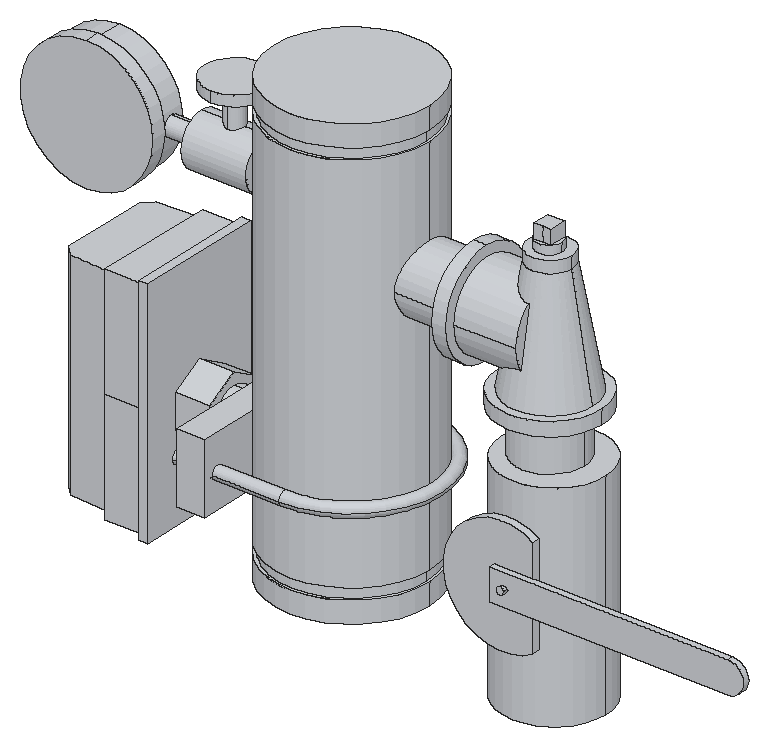
Revit family
Reference planes (in)
  plane 1 "Center (Front/Back)": y = 0
  plane 2: z = 0
  plane 3 "Center (Left/Right)": x = 0
Dimensions and locks (in)
  aligned and locked: plane 2 to level
Nested families (in)
  nested 1: "4FC" at (0, 0, 0), type "RASCO CR COMMERCIAL RISER"
Connectors (in)
  piping at (5.88807, -0.0356, -1)
    settings: on nested 1, index 1, connector radius 1 1/2", flow factor 0, pipe flow 0 GPM, pressure drop 0.00 psi, fitting loss kfactor 0, connector angle 0.00°, fixture units 0, flow configuration 0, flow direction 0, fitting loss method 0, system type 7, connector reference index -1, connector utility 0, adjustable connector no, is connector primary yes, fitting loss table "", connector description ""
  piping at (0, 0, 13)
    settings: on nested 1, index 2, connector radius 2", flow factor 0, pipe flow 0 GPM, pressure drop 0.00 psi, fitting loss kfactor 0, connector angle 0.00°, fixture units 0, flow configuration 0, flow direction 0, fitting loss method 0, system type 7, connector reference index -1, connector utility 0, adjustable connector no, is connector primary no, fitting loss table "", connector description ""
  piping at (0, 0, 0)
    settings: on nested 1, index 3, connector radius 2", flow factor 0, pipe flow 0 GPM, pressure drop 0.00 psi, fitting loss kfactor 0, connector angle 0.00°, fixture units 0, flow configuration 0, flow direction 0, fitting loss method 0, system type 7, connector reference index -1, connector utility 0, adjustable connector no, is connector primary no, fitting loss table "", connector description ""
Definition of nested family "4FC"
  Reference planes (in)
    plane 1 "Center (Front/Back)": y = 0
    plane 2: z = 0
    plane 3 "Center (Left/Right)": x = 0
    plane 4 "ref.1": z = 0.63009
    plane 5 "TOP": z = 13
    plane 6 "GRV": z = 12.375
    plane 7 "REF2": z = 0.94309
    plane 8: x = -9
    plane 9: x = 5.75
    plane 10: x = 13
  Forms (in)
    Extrusion 1, solid
      sketch origin (0, 0, 0) x (1, 0, 0) y (0, 1, 0)
        loop
          circle (0, 0) r 2.25
      from 0 to 0.625
    Extrusion 2, solid
      sketch origin (2.7671, -0.45659, 6.69834) x (-1, 0, 0) y (0, -1, 0)
        loop
          circle (-2.95047, -0.48481) r 1
      from -1.50134 to 0.55
    Extrusion 3, solid
      sketch origin (2.97212, 0, 10.5581) x (-1, 0, 0) y (0, -1, 0)
        loop
          circle (-2.75, 0) r 0.375
      from 0 to 0.2412
    Extrusion 4, solid
      sketch origin (2.96921, 0, 10.5581) x (-1, 0, 0) y (0, -1, 0)
        loop
          line (-2.753, 0.25) -> (-3.003, 0.25) -> (-3.003, -0.25) -> (-2.503, -0.25) -> (-2.503, 0) -> (-2.503, 0.25) -> (-2.753, 0.25)
      from 0.2412 to 0.64184
    Extrusion 5, solid
      sketch origin (0, 0, 0.63009) x (-1, 0, 0) y (0, -1, 0)
        loop
          circle (0, 0) r 2.167
      from 0 to 0.313
    Extrusion 6, solid
      sketch origin (0, 0, 13) x (-1, 0, 0) y (0, -1, 0)
        loop
          circle (0, 0) r 2.25
      from 0 to -0.625
    Extrusion 7, solid
      sketch origin (0, 0, 12.375) x (-1, 0, 0) y (0, -1, 0)
        loop
          circle (0, 0) r 2.167
      from 0 to -0.313
    Extrusion 8, solid
      sketch origin (0, 0, 0.94309) x (-1, 0, 0) y (0, -1, 0)
        loop
          circle (0, 0) r 2.25
      from 0 to 11.11891
    Extrusion 9, solid
      sketch origin (0, 0, 0) x (0, 1, 0) y (0, 0, 1)
        loop
          circle (0, 9.75) r 0.375
      from 0 to -2.46137
    Extrusion 10, solid
      sketch origin (0, 0, 0) x (0, 1, 0) y (0, 0, 1)
        loop
          circle (0, 8.52128) r 1
      from 0 to 3.52486
    Extrusion 11, solid
      sketch origin (-1.25952, 0.02227, -0.13181) x (0, 1, 0) y (0, 0, 1)
        loop
          line (-0.00807, 4.24845) -> (-2.92136, 4.24845) -> (-2.92136, 2.23289) -> (-0.00807, 2.23289) -> (2.9144, 2.23289) -> (2.9144, 4.24845) -> (-0.00807, 4.24845)
      from -0.70202 to -1.5
    Sweep 12, solid
      path origin (0.01124, -0.01472, 0.94309) x (-1, 0, 0) y (0, -1, 0)
        loop
          line (3.11033, 2.4267) -> (0.02076, 2.4267)
          arc (0.02076, 2.4267) -> (-2.41885, -0.01291) -> (0.02076, -2.45252) r 2.43961
          line (0.02076, -2.45252) -> (3.11033, -2.45252)
      profile origin (-1.55431, 2.4378, 0.94309) x (0, -1, 0) y (0, 0, 1)
        loop
          circle (0, 2.14151) r 0.189
  Dimensions and locks (in)
    plane 5 "TOP" to level = 1' - 1"
    plane 10 to plane 8 = 1' - 10"
    Extrusion 6 to nested 3 = 1' - 2"
    aligned and locked: plane 2 to level
  Nested families (in)
    nested 1: "Gauge3" at (-6.53514, 0.39285, 3.95522), type "RASCO Gauge"
    nested 2: "Water Flow Detector" at (-5.75, 0, -0.5752), type "Water Flow Detector"
    nested 3: "Test-Drain Valve" at (5.63256, -0.86382, -1), type "Test-Drain Valve"
    nested 4: "tee3" at (5.75, 0, 6.47191), type "tee3"
    nested 5: "Globe Valve10" at (-2.25, 0, 9.12048), type "RASCO Globe Valve"
  Definition of nested family "Gauge3"
    Reference planes (in)
      plane 1 "Center (Front/Back)": y = 0
      plane 2: z = 0
      plane 3 "Center (Left/Right)": x = 0
      plane 4: z = 7.47962
      plane 5 "ref.2": y = -0.425
      plane 6 "ref.3": z = 5.65212
      plane 7 "refdt": y = -1.191
    Forms (in)
      Extrusion 1, solid
        sketch origin (6.95412, -1.191, 5.90312) x (0, 0, -1) y (-1, 0, 0)
          loop
            circle (0, 7.47962) r 1.9225
        from 0 to 0.425
      Extrusion 2, solid
        sketch origin (6.95412, -0.766, 5.90312) x (-1, 0, 0) y (0, 0, 1)
          loop
            circle (7.47962, 0) r 1.8275
        from 0 to 0.766
      Extrusion 3, solid
        sketch origin (2.43846, -1.191, 5.90312) x (0, 1, 0) y (0, 0, 1)
          loop
            circle (0.80101, 0) r 0.2725
        from 0 to -1.146
    Lines and regions (in)
      model lines
        curve 1: arc (-0.5255, -1.191, 4.25062) -> (-2.178, -1.191, 5.90312) -> (-0.5255, -1.191, 7.55562) r 1.6525
        curve 2: arc (-0.5255, -1.191, 4.42562) -> (-2.003, -1.191, 5.90312) -> (-0.5255, -1.191, 7.38062) r 1.4775
        curve 3: line (-0.5255, -1.191, 4.25062) -> (-0.5255, -1.191, 4.42562)
        curve 4: line (-0.5255, -1.191, 7.38062) -> (-0.5255, -1.191, 7.55562)
        curve 5: line (-0.32954, -1.191, 5.36925) -> (-1.42319, -1.191, 6.76906)
        curve 6: line (-1.42319, -1.191, 6.76906) -> (-0.17646, -1.191, 5.52233)
        curve 7: line (-0.17646, -1.191, 5.52233) -> (-0.32954, -1.191, 5.36925)
    Dimensions and locks (in)
      aligned and locked: plane 2 to level
  Definition of nested family "Water Flow Detector"
    Reference planes (in)
      plane 1 "Center (Front/Back)": y = 0
      plane 2: z = 0
      plane 3 "Center (Left/Right)": x = 0
    Forms (in)
      Extrusion 1, solid
        sketch origin (3.64489, -0.00807, 3.68167) x (0, 0, -1) y (0, -1, 0)
          loop
            circle (0, 0) r 0.655
        from 0 to 1.32768
      Extrusion 2, solid
        sketch origin (2.31721, -0.00807, 5.11447) x (0, -1, 0) y (0, 0, 1)
          loop
            line (0, -0.43279) -> (-0.86603, -0.93279) -> (-0.86603, -1.93279) -> (0, -2.43279) -> (0.86603, -1.93279) -> (0.86603, -0.93279) -> (0, -0.43279)
        from 0 to 1
      Extrusion 3, solid
        sketch origin (1.31721, -0.00404, 4.28167) x (0, 0, 1) y (0, 1, 0)
          loop
            line (-3.6, 0) -> (-3.6, -1.875) -> (3.15, -1.875) -> (3.15, 1.875) -> (-3.6, 1.875) -> (-3.6, 0)
        from 0 to 0.25
      Extrusion 4, solid
        sketch origin (1.06721, -0.00807, 3.68167) x (0, 0, 1) y (0, 1, 0)
          loop
            line (0.375, -1.765) -> (3.625, -1.765) -> (3.625, 1.765) -> (-2.89, 1.765) -> (-2.89, -1.765) -> (0.375, -1.765)
        from 0 to 1.062
      Extrusion 5, solid
        sketch origin (3.64477, -0.00807, 4.42051) x (-1, 0, 0) y (0, -1, 0)
          loop
            line (3.63968, 0) -> (3.63968, -1.627) -> (4.80895, -1.54524) -> (5.07768, -1.2765) -> (5.07768, 0) -> (5.07768, 1.2765) -> (4.80895, 1.54524) -> (3.63968, 1.627) -> (3.63968, 0)
        from -3.48722 to 2.75684
    Dimensions and locks (in)
      aligned and locked: plane 2 to level
  Definition of nested family "Test-Drain Valve"
    Parameters (values of type "Test-Drain Valve")
      Assembly Code = ""
    Reference planes (in)
      plane 1 "Center (Front/Back)": y = 0
      plane 2: z = 0
      plane 3 "Center (Left/Right)": x = 0
      plane 4 "ref.2": z = 1.03
    Forms (in)
      Extrusion 1, solid
        sketch origin (0.36767, 0.09564, 4.03443) x (1, 0, 0) y (0, 0, 1)
          loop
            circle (-0.00162, -0.38531) r 0.105
        from 0.56904 to 1.36107
      Extrusion 2, solid
        sketch origin (0.5691, -1.26543, 2.41839) x (0, 0, 1) y (-1, 0, 0)
          loop
            line (1.03, 0.56251) -> (0.78111, 0.56251) -> (0.78111, -6.33157)
            arc (0.78111, -6.33157) -> (1.23859, -6.78904) -> (1.69607, -6.33157) r 0.45748
            line (1.69607, -6.33157) -> (1.69607, 0.56251) -> (1.03, 0.56251)
        from -0.26148 to -0.09542
      Extrusion 3, solid
        sketch origin (0.16609, 0.45297, 0) x (1, 0, 0) y (0, 1, 0)
          loop
            circle (0.08942, 0.37525) r 1.5
        from 0 to 6.197
      Extrusion 4, solid
        sketch origin (0.82775, 0.78727, 0.79588) x (1, 0, 0) y (0, 0, 1)
          loop
            line (0.28512, 2.5) -> (0.28512, 4.25)
            arc (0.28512, 4.25) -> (-2.3089, 2.80763) -> (0.28512, 1.36527) r 1.69801
            line (0.28512, 1.36527) -> (0.28512, 2.5)
        from 1.56371 to 1.79121
    Dimensions and locks (in)
      aligned and locked: plane 2 to level
  Definition of nested family "tee3"
    Parameters (values of type "tee3")
      Assembly Code = ""
    Reference planes (in)
      plane 1 "Center (Front/Back)": y = 0
      plane 2: z = 0
      plane 3 "Center (Left/Right)": x = 0
      plane 4 "ref.2": z = 0.4
      plane 5 "re.3": z = 2.00996
    Forms (in)
      Extrusion 1, solid
        sketch origin (0, 0, 0) x (1, 0, 0) y (0, 1, 0)
          loop
            circle (0, 0) r 1.5
        from 0 to 0.4
      Blend 2, solid
        base sketch origin (0, 0, 0.4) x (-1, 0, 0) y (0, -1, 0)
          loop
            circle (0, 0) r 1.25
        top sketch origin (0, 0, 0.4) x (-1, 0, 0) y (0, -1, 0)
          loop
            circle (0, 0) r 0.6225
        from 0 to 3.35
      Extrusion 3, solid
        sketch origin (0.00095, 0, 3.19936) x (-1, 0, 0) y (0, -1, 0)
          loop
            circle (0, 0) r 0.6225
        from 0.88683 to 0.55064
      Extrusion 4, solid
        sketch origin (0, 0.01626, 0.79134) x (0, 1, 0) y (0, 0, 1)
          loop
            circle (-0.00522, 1.18821) r 1.25
        from 0 to -1.82514
      Extrusion 5, solid
        sketch origin (-1.82514, 0, 2.00737) x (0, 0, 1) y (0, 1, 0)
          loop
            circle (0, 0) r 1.5
        from 0 to 0.4
    Dimensions and locks (in)
      aligned and locked: plane 2 to level
  Definition of nested family "Globe Valve10"
    Parameters (values of type "RASCO Globe Valve")
      Assembly Code = ""
    Reference planes (in)
      plane 1 "Center (Front/Back)": y = 0
      plane 2: z = 0
      plane 3 "Center (Left/Right)": x = 0
      plane 4 "ref. side": x = -0.5
      plane 5 "ref. side2": x = -1.734
      plane 6 "ref. side 4": x = -2.763
    Forms (in)
      Extrusion 1, solid
        sketch origin (-0.27216, -0.01249, 0.71909) x (0, 0, -1) y (0, -1, 0)
          loop
            circle (0, 0) r 0.75
        from -0.06079 to 1.82121
      Extrusion 2, solid
        sketch origin (-0.27501, -0.00978, 1.2975) x (0, 1, 0) y (-1, 0, 0)
          loop
            circle (0, 0.86289) r 0.265
        from -0.00766 to 1.234
      Extrusion 3, solid
        sketch origin (-0.28892, 0.00562, 2.36212) x (0, 1, 0) y (-1, 0, 0)
          loop
            circle (0, 0.85138) r 0.87523
        from 0 to 0.3
    Dimensions and locks (in)
      aligned and locked: plane 2 to level
